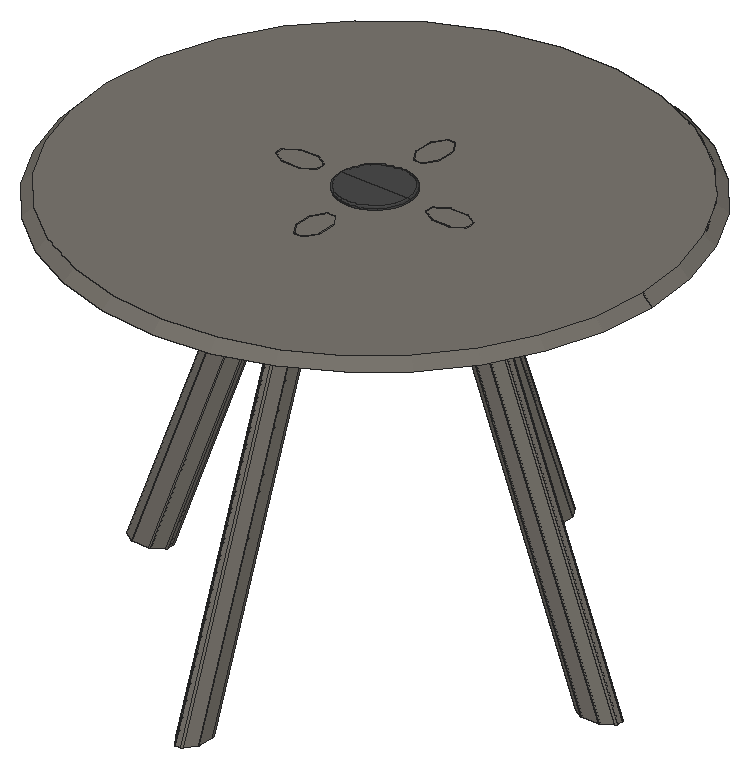
Revit family "Table-Work-Teknion-STBSR_Qui_With_Power-R2014", category Furniture, Revit 2014
Parameters (values of type "Round, 25.5" High")
  Width = 36.000"
  Warranty = "https://d2r72yk5wmppdj.cloudfront.net/m/3754bc876d846fdf/StudioTK--Warranty.pdf"
  Voltage = 0 V
  Unit Weight = 65.00 lbf  # constant formula
  URL = "www.studiotk.com"
  Table Finish [instance] = Wood - Teknion - DY - Cocoa Brown
  Square Table Visibility = not(Round Table Visibility)  # no
  Series = "Studio"
  Round Table Visibility = yes
  Product Line = "Qui"
  Product Documentation Link = "https://d2r72yk5wmppdj.cloudfront.net/m/6a067d0f21732b57/Qui_Tables_ppg.pdf"
  Power Finish [instance] = Plastic - StudioTK - 8B - Ebony
  Power Factor = 1
  Part Number = "STBSR"
  Number of Poles = 1
  Model = "STBSRB25P"
  Manufacturer Phone = "919-464-2920"
  Manufacturer Fax = "919-464-2927"
  Manufacturer Email = "customersupport@studiotk.com"
  Manufacturer Address = "3941 US 70 Business HWY West, Clayton, NC 27520"
  Manufacturer = "StudioTK"  # constant formula
  Low Emitting Material = yes
  Low Emitting Finish = yes
  Height = 25.500"
  Description = "Qui Work Table With Power, Round 36\"dia / 91cm, 25.5\"h / 65 cm"
  Depth = 36.000"
  Connector Description = "Power Connector"  # constant formula
  Assembly Code = "E2020200"
  Apparent Load = 1250 VA  # constant formula
Reference planes (in)
  plane 1 "Center F/B": y = 0
  plane 2: z = 0
  plane 3 "Center L/R": x = 0
  plane 4 "Left": x = -18
  plane 5 "Right": x = 18
  plane 6 "Back": y = 18
  plane 7 "Front": y = -18
  plane 8 "Top": z = 25.5
Dimensions and locks (in)
  "Height": plane 8 "Top" to plane 2
  equal spacing: plane 4 "Left", plane 3 "Center L/R", plane 5 "Right"
  "Width": plane 4 "Left" to plane 5 "Right"
  equal spacing: plane 6 "Back", plane 1 "Center F/B", plane 7 "Front"
  "Depth": plane 6 "Back" to plane 7 "Front"
  aligned and locked: level to plane 2
  aligned and locked: plane 3 "Center L/R" to nested 1
  aligned and locked: plane 1 "Center F/B" to nested 1
  aligned and locked: plane 3 "Center L/R" to nested 2
  aligned and locked: plane 1 "Center F/B" to nested 2
  aligned and locked: plane 2 to nested 2
  aligned and locked: plane 2 to nested 1
  aligned and locked: plane 8 "Top" to nested 3
  aligned and locked: plane 3 "Center L/R" to nested 3
  aligned and locked: plane 1 "Center F/B" to nested 3
Nested families (in)
  nested 1: "Table-Work-Teknion-STBSR_Square_Qui-R2013" at (0, 0, 0), visible <- "Square Table Visibility", Table Finish <- "Table Finish", type "25.5" High"
    with Table Finish Wood - Teknion - DY - Cocoa Brown
  nested 2: "Table-Work-Teknion-STBSR_Round_Qui-R2013" at (0, 0, 0), visible <- "Round Table Visibility", Table Finish <- "Table Finish", type "25.5" High"
    with Table Finish Wood - Teknion - DY - Cocoa Brown
  nested 3: "Outlet-Power-Teknion" at (0, 0, 25.5), Power Finish <- "Power Finish", type "Outlet"
    with Power Finish Plastic - StudioTK - 8B - Ebony
Connectors (in)
  electrical at (0, 0, 0), driven by "Apparent Load", driven by "Connector Description", driven by "Number of Poles", driven by "Voltage", driven by "Power Factor"
    settings: index 1, voltage 0 V, apparent load 0 VA, apparent load phase1 1250 VA, apparent load phase2 0 VA, apparent load phase3 0 VA, power factor 1, load classification "Other", number of poles 1, system type 31, power factor state 1, is connector primary yes, connector utility no, sub classification motor no, connector description "Power Connector"
Definition of nested family "Table-Work-Teknion-STBSR_Square_Qui-R2013"
  Parameters (values of type "25.5" High")
    Width = 36.000"
    Warranty = "http://www.teknionstudio.com/pdfs/Teknion%20Studio%20Warranty.pdf"
    Unit Weight = 0.00 lbf
    URL = "www.teknionstudio.com"
    Table Finish [instance] = Wood - Teknion - DY - Cocoa Brown
    Series = "Studio"
    Product Line = "Qui"
    Product Documentation Link = "http://www.teknionstudio.com/pricing/STBSR_ppg.pdf"
    Part Number = "STBSR"
    Model = "STBSRD25"
    Manufacturer Phone = "919-464-2920"
    Manufacturer Fax = "919-464-2927"
    Manufacturer Email = "customersupport@teknionstudio.com"
    Manufacturer Address = "3941 US 70 Business HWY West, Clayton, NC 27520"
    Manufacturer = "Teknion Studio"
    Low Emitting Material = yes
    Low Emitting Finish = yes
    Height = 25.500"
    Description = "Qui Work Table, Square 36\"w / 91cm, 25.5\"h / 65 cm"
    Depth = 36.000"
    Assembly Code = "E2020200"
  Reference planes (in)
    plane 1 "Center F/B": y = 0
    plane 2: z = 0
    plane 3 "Center L/R": x = 0
    plane 4 "Left": x = -18
    plane 5 "Right": x = 18
    plane 6 "Back": y = 18
    plane 7 "Front": y = -18
    plane 8 "Top": z = 25.5
    plane 9 "Table Base": z = 24.875
    plane 10 "Table Bottom": z = 23.375
    plane 11 "Leg Top": z = 25.525
  Forms (in)
    Blend 1, solid, material "Wood - Teknion - DY - Cocoa Brown" <- "Table Finish"
      base sketch origin (0, 0, 24.875) x (-1, 0, 0) y (0, -1, 0)
        loop
          arc (17.75, -18) -> (17.92678, -17.92678) -> (18, -17.75) r 0.25
          line (18, -17.75) -> (18, 17.75)
          arc (18, 17.75) -> (17.92678, 17.92678) -> (17.75, 18) r 0.25
          line (17.75, 18) -> (-17.75, 18)
          arc (-17.75, 18) -> (-17.92678, 17.92678) -> (-18, 17.75) r 0.25
          line (-18, 17.75) -> (-18, -17.75)
          arc (-18, -17.75) -> (-17.92678, -17.92678) -> (-17.75, -18) r 0.25
          line (-17.75, -18) -> (17.75, -18)
      top sketch origin (0, 0, 25.5) x (-1, 0, 0) y (0, -1, 0)
        loop
          line (-17.375, -17.375) -> (17.375, -17.375) -> (17.375, 17.375) -> (-17.375, 17.375) -> (-17.375, -17.375)
      from 0 to 0
    Blend 2, solid, material "Wood - Teknion - DY - Cocoa Brown" <- "Table Finish"
      base sketch origin (0, 0, 23.375) x (-1, 0, 0) y (0, -1, 0)
        loop
          line (11, -11) -> (11, 11) -> (-11, 11) -> (-11, -11) -> (11, -11)
      top sketch origin (0, 0, 23.375) x (-1, 0, 0) y (0, -1, 0)
        loop
          line (-12, -12) -> (12, -12) -> (12, 12) -> (-12, 12) -> (-12, -12)
      from 0 to 1.5
    Blend 3, solid, material "Wood - Teknion - DY - Cocoa Brown" <- "Table Finish"
      base sketch origin (0, 0, 25.525) x (0, -1, 0) y (1, 0, 0)
        loop
          arc (-11.94086, -11.68237) -> (-12.00536, -11.64431) -> (-12.08022, -11.64218) r 0.15
          line (-12.08022, -11.64218) -> (-12.84415, -11.81607)
          arc (-12.84415, -11.81607) -> (-12.88338, -11.83103) -> (-12.91693, -11.85627) r 0.15
          line (-12.91693, -11.85627) -> (-13.6605, -12.59984)
          arc (-13.6605, -12.59984) -> (-13.68574, -12.63338) -> (-13.70069, -12.67261) r 0.15
          line (-13.70069, -12.67261) -> (-13.87459, -13.43655)
          arc (-13.87459, -13.43655) -> (-13.87245, -13.51141) -> (-13.83439, -13.5759) r 0.15
          line (-13.83439, -13.5759) -> (-13.5759, -13.83439)
          arc (-13.5759, -13.83439) -> (-13.51141, -13.87245) -> (-13.43655, -13.87459) r 0.15
          line (-13.43655, -13.87459) -> (-12.67261, -13.70069)
          arc (-12.67261, -13.70069) -> (-12.63338, -13.68574) -> (-12.59984, -13.6605) r 0.15
          line (-12.59984, -13.6605) -> (-11.85627, -12.91693)
          arc (-11.85627, -12.91693) -> (-11.83103, -12.88338) -> (-11.81607, -12.84415) r 0.15
          line (-11.81607, -12.84415) -> (-11.64218, -12.08022)
          arc (-11.64218, -12.08022) -> (-11.64431, -12.00536) -> (-11.68237, -11.94086) r 0.15
          line (-11.68237, -11.94086) -> (-11.94086, -11.68237)
      top sketch origin (0, 0, 25.525) x (0, -1, 0) y (1, 0, 0)
        loop
          arc (-5.06286, -4.80437) -> (-5.12736, -4.76631) -> (-5.20222, -4.76418) r 0.15
          line (-5.20222, -4.76418) -> (-5.96615, -4.93807)
          arc (-5.96615, -4.93807) -> (-6.00538, -4.95303) -> (-6.03893, -4.97827) r 0.15
          line (-6.03893, -4.97827) -> (-6.7825, -5.72184)
          arc (-6.7825, -5.72184) -> (-6.80774, -5.75538) -> (-6.82269, -5.79461) r 0.15
          line (-6.82269, -5.79461) -> (-6.99659, -6.55854)
          arc (-6.99659, -6.55854) -> (-6.99445, -6.63341) -> (-6.95639, -6.6979) r 0.15
          line (-6.95639, -6.6979) -> (-6.6979, -6.95639)
          arc (-6.6979, -6.95639) -> (-6.63341, -6.99445) -> (-6.55854, -6.99659) r 0.15
          line (-6.55854, -6.99659) -> (-5.79461, -6.82269)
          arc (-5.79461, -6.82269) -> (-5.75538, -6.80774) -> (-5.72184, -6.7825) r 0.15
          line (-5.72184, -6.7825) -> (-4.97827, -6.03893)
          arc (-4.97827, -6.03893) -> (-4.95303, -6.00538) -> (-4.93807, -5.96615) r 0.15
          line (-4.93807, -5.96615) -> (-4.76418, -5.20222)
          arc (-4.76418, -5.20222) -> (-4.76631, -5.12736) -> (-4.80437, -5.06286) r 0.15
          line (-4.80437, -5.06286) -> (-5.06286, -4.80437)
      from -25.525 to -0.025
    Blend 4, solid, material "Wood - Teknion - DY - Cocoa Brown" <- "Table Finish"
      base sketch origin (0, 0, 25.525) x (0, 1, 0) y (-1, 0, 0)
        loop
          arc (-11.94086, -11.68237) -> (-12.00536, -11.64431) -> (-12.08022, -11.64218) r 0.15
          line (-12.08022, -11.64218) -> (-12.84415, -11.81607)
          arc (-12.84415, -11.81607) -> (-12.88338, -11.83103) -> (-12.91693, -11.85627) r 0.15
          line (-12.91693, -11.85627) -> (-13.6605, -12.59984)
          arc (-13.6605, -12.59984) -> (-13.68574, -12.63338) -> (-13.70069, -12.67261) r 0.15
          line (-13.70069, -12.67261) -> (-13.87459, -13.43655)
          arc (-13.87459, -13.43655) -> (-13.87245, -13.51141) -> (-13.83439, -13.5759) r 0.15
          line (-13.83439, -13.5759) -> (-13.5759, -13.83439)
          arc (-13.5759, -13.83439) -> (-13.51141, -13.87245) -> (-13.43655, -13.87459) r 0.15
          line (-13.43655, -13.87459) -> (-12.67261, -13.70069)
          arc (-12.67261, -13.70069) -> (-12.63338, -13.68574) -> (-12.59984, -13.6605) r 0.15
          line (-12.59984, -13.6605) -> (-11.85627, -12.91693)
          arc (-11.85627, -12.91693) -> (-11.83103, -12.88338) -> (-11.81607, -12.84415) r 0.15
          line (-11.81607, -12.84415) -> (-11.64218, -12.08022)
          arc (-11.64218, -12.08022) -> (-11.64431, -12.00536) -> (-11.68237, -11.94086) r 0.15
          line (-11.68237, -11.94086) -> (-11.94086, -11.68237)
      top sketch origin (0, 0, 25.525) x (0, 1, 0) y (-1, 0, 0)
        loop
          arc (-5.06286, -4.80437) -> (-5.12736, -4.76631) -> (-5.20222, -4.76418) r 0.15
          line (-5.20222, -4.76418) -> (-5.96615, -4.93807)
          arc (-5.96615, -4.93807) -> (-6.00538, -4.95303) -> (-6.03893, -4.97827) r 0.15
          line (-6.03893, -4.97827) -> (-6.7825, -5.72184)
          arc (-6.7825, -5.72184) -> (-6.80774, -5.75538) -> (-6.82269, -5.79461) r 0.15
          line (-6.82269, -5.79461) -> (-6.99659, -6.55854)
          arc (-6.99659, -6.55854) -> (-6.99445, -6.63341) -> (-6.95639, -6.6979) r 0.15
          line (-6.95639, -6.6979) -> (-6.6979, -6.95639)
          arc (-6.6979, -6.95639) -> (-6.63341, -6.99445) -> (-6.55854, -6.99659) r 0.15
          line (-6.55854, -6.99659) -> (-5.79461, -6.82269)
          arc (-5.79461, -6.82269) -> (-5.75538, -6.80774) -> (-5.72184, -6.7825) r 0.15
          line (-5.72184, -6.7825) -> (-4.97827, -6.03893)
          arc (-4.97827, -6.03893) -> (-4.95303, -6.00538) -> (-4.93807, -5.96615) r 0.15
          line (-4.93807, -5.96615) -> (-4.76418, -5.20222)
          arc (-4.76418, -5.20222) -> (-4.76631, -5.12736) -> (-4.80437, -5.06286) r 0.15
          line (-4.80437, -5.06286) -> (-5.06286, -4.80437)
      from -25.525 to -0.025
    Sweep 5, void
      path origin (0, 0, 0) x (1, 0, 0) y (0, 0, 1)
        loop
          line (0, 25.5) -> (0, 25.25)
      profile origin (0, 0, 25.375) x (0, -1, 0) y (1, 0, 0)
        loop
          arc (-7.01219, -6.55499) -> (-7.00983, -6.63784) -> (-6.96771, -6.70922) r 0.166
          line (-6.96771, -6.70922) -> (-6.70922, -6.96771)
          arc (-6.70922, -6.96771) -> (-6.63784, -7.00983) -> (-6.55499, -7.01219) r 0.166
          line (-6.55499, -7.01219) -> (-5.79106, -6.83829)
          arc (-5.79106, -6.83829) -> (-5.74765, -6.82174) -> (-5.71052, -6.79381) r 0.166
          line (-5.71052, -6.79381) -> (-4.96695, -6.05024)
          arc (-4.96695, -6.05024) -> (-4.93902, -6.01312) -> (-4.92247, -5.9697) r 0.166
          line (-4.92247, -5.9697) -> (-4.74858, -5.20577)
          arc (-4.74858, -5.20577) -> (-4.75094, -5.12292) -> (-4.79306, -5.05155) r 0.166
          line (-4.79306, -5.05155) -> (-5.05155, -4.79306)
          arc (-5.05155, -4.79306) -> (-5.12292, -4.75094) -> (-5.20577, -4.74858) r 0.166
          line (-5.20577, -4.74858) -> (-5.9697, -4.92247)
          arc (-5.9697, -4.92247) -> (-6.01312, -4.93902) -> (-6.05024, -4.96695) r 0.166
          line (-6.05024, -4.96695) -> (-6.79381, -5.71052)
          arc (-6.79381, -5.71052) -> (-6.82174, -5.74765) -> (-6.83829, -5.79106) r 0.166
          line (-6.83829, -5.79106) -> (-7.01219, -6.55499)
        loop
          line (-6.79381, 5.71052) -> (-6.05024, 4.96695)
          arc (-6.05024, 4.96695) -> (-6.01312, 4.93902) -> (-5.9697, 4.92247) r 0.166
          line (-5.9697, 4.92247) -> (-5.20577, 4.74858)
          arc (-5.20577, 4.74858) -> (-5.12292, 4.75094) -> (-5.05155, 4.79306) r 0.166
          line (-5.05155, 4.79306) -> (-4.79306, 5.05155)
          arc (-4.79306, 5.05155) -> (-4.75094, 5.12292) -> (-4.74858, 5.20577) r 0.166
          line (-4.74858, 5.20577) -> (-4.92247, 5.9697)
          arc (-4.92247, 5.9697) -> (-4.93902, 6.01312) -> (-4.96695, 6.05024) r 0.166
          line (-4.96695, 6.05024) -> (-5.71052, 6.79381)
          arc (-5.71052, 6.79381) -> (-5.74765, 6.82174) -> (-5.79106, 6.83829) r 0.166
          line (-5.79106, 6.83829) -> (-6.55499, 7.01219)
          arc (-6.55499, 7.01219) -> (-6.63784, 7.00983) -> (-6.70922, 6.96771) r 0.166
          line (-6.70922, 6.96771) -> (-6.96771, 6.70922)
          arc (-6.96771, 6.70922) -> (-7.00983, 6.63784) -> (-7.01219, 6.55499) r 0.166
          line (-7.01219, 6.55499) -> (-6.83829, 5.79106)
          arc (-6.83829, 5.79106) -> (-6.82174, 5.74765) -> (-6.79381, 5.71052) r 0.166
        loop
          line (6.83829, 5.79106) -> (7.01219, 6.55499)
          arc (7.01219, 6.55499) -> (7.00983, 6.63784) -> (6.96771, 6.70922) r 0.166
          line (6.96771, 6.70922) -> (6.70922, 6.96771)
          arc (6.70922, 6.96771) -> (6.63784, 7.00983) -> (6.55499, 7.01219) r 0.166
          line (6.55499, 7.01219) -> (5.79106, 6.83829)
          arc (5.79106, 6.83829) -> (5.74765, 6.82174) -> (5.71052, 6.79381) r 0.166
          line (5.71052, 6.79381) -> (4.96695, 6.05024)
          arc (4.96695, 6.05024) -> (4.93902, 6.01312) -> (4.92247, 5.9697) r 0.166
          line (4.92247, 5.9697) -> (4.74858, 5.20577)
          arc (4.74858, 5.20577) -> (4.75094, 5.12292) -> (4.79306, 5.05155) r 0.166
          line (4.79306, 5.05155) -> (5.05155, 4.79306)
          arc (5.05155, 4.79306) -> (5.12292, 4.75094) -> (5.20577, 4.74858) r 0.166
          line (5.20577, 4.74858) -> (5.9697, 4.92247)
          arc (5.9697, 4.92247) -> (6.01312, 4.93902) -> (6.05024, 4.96695) r 0.166
          line (6.05024, 4.96695) -> (6.79381, 5.71052)
          arc (6.79381, 5.71052) -> (6.82174, 5.74765) -> (6.83829, 5.79106) r 0.166
        loop
          line (7.01219, -6.55499) -> (6.83829, -5.79106)
          arc (6.83829, -5.79106) -> (6.82174, -5.74765) -> (6.79381, -5.71052) r 0.166
          line (6.79381, -5.71052) -> (6.05024, -4.96695)
          arc (6.05024, -4.96695) -> (6.01312, -4.93902) -> (5.9697, -4.92247) r 0.166
          line (5.9697, -4.92247) -> (5.20577, -4.74858)
          arc (5.20577, -4.74858) -> (5.12292, -4.75094) -> (5.05155, -4.79306) r 0.166
          line (5.05155, -4.79306) -> (4.79306, -5.05155)
          arc (4.79306, -5.05155) -> (4.75094, -5.12292) -> (4.74858, -5.20577) r 0.166
          line (4.74858, -5.20577) -> (4.92247, -5.9697)
          arc (4.92247, -5.9697) -> (4.93902, -6.01312) -> (4.96695, -6.05024) r 0.166
          line (4.96695, -6.05024) -> (5.71052, -6.79381)
          arc (5.71052, -6.79381) -> (5.74765, -6.82174) -> (5.79106, -6.83829) r 0.166
          line (5.79106, -6.83829) -> (6.55499, -7.01219)
          arc (6.55499, -7.01219) -> (6.63784, -7.00983) -> (6.70922, -6.96771) r 0.166
          line (6.70922, -6.96771) -> (6.96771, -6.70922)
          arc (6.96771, -6.70922) -> (7.00983, -6.63784) -> (7.01219, -6.55499) r 0.166
    Blend 6, solid, material "Wood - Teknion - DY - Cocoa Brown" <- "Table Finish"
      base sketch origin (0, 0, 25.525) x (0, 1, 0) y (-1, 0, 0)
        loop
          line (11.94086, -11.68237) -> (11.68237, -11.94086)
          arc (11.68237, -11.94086) -> (11.64431, -12.00536) -> (11.64218, -12.08022) r 0.15
          line (11.64218, -12.08022) -> (11.81607, -12.84415)
          arc (11.81607, -12.84415) -> (11.83103, -12.88338) -> (11.85627, -12.91693) r 0.15
          line (11.85627, -12.91693) -> (12.59984, -13.6605)
          arc (12.59984, -13.6605) -> (12.63338, -13.68574) -> (12.67261, -13.70069) r 0.15
          line (12.67261, -13.70069) -> (13.43655, -13.87459)
          arc (13.43655, -13.87459) -> (13.51141, -13.87245) -> (13.5759, -13.83439) r 0.15
          line (13.5759, -13.83439) -> (13.83439, -13.5759)
          arc (13.83439, -13.5759) -> (13.87245, -13.51141) -> (13.87459, -13.43655) r 0.15
          line (13.87459, -13.43655) -> (13.70069, -12.67261)
          arc (13.70069, -12.67261) -> (13.68574, -12.63338) -> (13.6605, -12.59984) r 0.15
          line (13.6605, -12.59984) -> (12.91693, -11.85627)
          arc (12.91693, -11.85627) -> (12.88338, -11.83103) -> (12.84415, -11.81607) r 0.15
          line (12.84415, -11.81607) -> (12.08022, -11.64218)
          arc (12.08022, -11.64218) -> (12.00536, -11.64431) -> (11.94086, -11.68237) r 0.15
      top sketch origin (0, 0, 25.525) x (0, 1, 0) y (-1, 0, 0)
        loop
          line (5.06286, -4.80437) -> (4.80437, -5.06286)
          arc (4.80437, -5.06286) -> (4.76631, -5.12736) -> (4.76418, -5.20222) r 0.15
          line (4.76418, -5.20222) -> (4.93807, -5.96615)
          arc (4.93807, -5.96615) -> (4.95303, -6.00538) -> (4.97827, -6.03893) r 0.15
          line (4.97827, -6.03893) -> (5.72184, -6.7825)
          arc (5.72184, -6.7825) -> (5.75538, -6.80774) -> (5.79461, -6.82269) r 0.15
          line (5.79461, -6.82269) -> (6.55854, -6.99659)
          arc (6.55854, -6.99659) -> (6.63341, -6.99445) -> (6.6979, -6.95639) r 0.15
          line (6.6979, -6.95639) -> (6.95639, -6.6979)
          arc (6.95639, -6.6979) -> (6.99445, -6.63341) -> (6.99659, -6.55854) r 0.15
          line (6.99659, -6.55854) -> (6.82269, -5.79461)
          arc (6.82269, -5.79461) -> (6.80774, -5.75538) -> (6.7825, -5.72184) r 0.15
          line (6.7825, -5.72184) -> (6.03893, -4.97827)
          arc (6.03893, -4.97827) -> (6.00538, -4.95303) -> (5.96615, -4.93807) r 0.15
          line (5.96615, -4.93807) -> (5.20222, -4.76418)
          arc (5.20222, -4.76418) -> (5.12736, -4.76631) -> (5.06286, -4.80437) r 0.15
      from -25.525 to -0.025
    Blend 7, solid, material "Wood - Teknion - DY - Cocoa Brown" <- "Table Finish"
      base sketch origin (0, 0, 25.525) x (0, -1, 0) y (1, 0, 0)
        loop
          line (11.94086, -11.68237) -> (11.68237, -11.94086)
          arc (11.68237, -11.94086) -> (11.64431, -12.00536) -> (11.64218, -12.08022) r 0.15
          line (11.64218, -12.08022) -> (11.81607, -12.84415)
          arc (11.81607, -12.84415) -> (11.83103, -12.88338) -> (11.85627, -12.91693) r 0.15
          line (11.85627, -12.91693) -> (12.59984, -13.6605)
          arc (12.59984, -13.6605) -> (12.63338, -13.68574) -> (12.67261, -13.70069) r 0.15
          line (12.67261, -13.70069) -> (13.43655, -13.87459)
          arc (13.43655, -13.87459) -> (13.51141, -13.87245) -> (13.5759, -13.83439) r 0.15
          line (13.5759, -13.83439) -> (13.83439, -13.5759)
          arc (13.83439, -13.5759) -> (13.87245, -13.51141) -> (13.87459, -13.43655) r 0.15
          line (13.87459, -13.43655) -> (13.70069, -12.67261)
          arc (13.70069, -12.67261) -> (13.68574, -12.63338) -> (13.6605, -12.59984) r 0.15
          line (13.6605, -12.59984) -> (12.91693, -11.85627)
          arc (12.91693, -11.85627) -> (12.88338, -11.83103) -> (12.84415, -11.81607) r 0.15
          line (12.84415, -11.81607) -> (12.08022, -11.64218)
          arc (12.08022, -11.64218) -> (12.00536, -11.64431) -> (11.94086, -11.68237) r 0.15
      top sketch origin (0, 0, 25.525) x (0, -1, 0) y (1, 0, 0)
        loop
          line (5.06286, -4.80437) -> (4.80437, -5.06286)
          arc (4.80437, -5.06286) -> (4.76631, -5.12736) -> (4.76418, -5.20222) r 0.15
          line (4.76418, -5.20222) -> (4.93807, -5.96615)
          arc (4.93807, -5.96615) -> (4.95303, -6.00538) -> (4.97827, -6.03893) r 0.15
          line (4.97827, -6.03893) -> (5.72184, -6.7825)
          arc (5.72184, -6.7825) -> (5.75538, -6.80774) -> (5.79461, -6.82269) r 0.15
          line (5.79461, -6.82269) -> (6.55854, -6.99659)
          arc (6.55854, -6.99659) -> (6.63341, -6.99445) -> (6.6979, -6.95639) r 0.15
          line (6.6979, -6.95639) -> (6.95639, -6.6979)
          arc (6.95639, -6.6979) -> (6.99445, -6.63341) -> (6.99659, -6.55854) r 0.15
          line (6.99659, -6.55854) -> (6.82269, -5.79461)
          arc (6.82269, -5.79461) -> (6.80774, -5.75538) -> (6.7825, -5.72184) r 0.15
          line (6.7825, -5.72184) -> (6.03893, -4.97827)
          arc (6.03893, -4.97827) -> (6.00538, -4.95303) -> (5.96615, -4.93807) r 0.15
          line (5.96615, -4.93807) -> (5.20222, -4.76418)
          arc (5.20222, -4.76418) -> (5.12736, -4.76631) -> (5.06286, -4.80437) r 0.15
      from -25.525 to -0.025
  Cuts and joins
    Sweep 5 cuts Blend 1
  Lines and regions (in)
    Masking region 1
      outline origin (0, 0, 25.525) x (0, -1, 0) y (1, 0, 0)
        loop
          line (-18, -18) -> (18, -18) -> (18, 18) -> (-18, 18) -> (-18, -18)
    symbolic lines, detail levels medium+fine
      curve 1: line (17.375, 17.375, 25.525) -> (-17.375, 17.375, 25.525)
      curve 2: line (-17.375, 17.375, 25.525) -> (-17.375, -17.375, 25.525)
      curve 3: line (-17.375, -17.375, 25.525) -> (17.375, -17.375, 25.525)
      curve 4: line (17.375, -17.375, 25.525) -> (17.375, 17.375, 25.525)
    symbolic lines, style "Hidden Lines", detail levels medium+fine
      curve 5: line (-6.6979, 6.95639, 25.525) -> (-6.95639, 6.6979, 25.525)
      curve 6: arc (-6.55854, 6.99659, 25.525) -> (-6.63341, 6.99445, 25.525) -> (-6.6979, 6.95639, 25.525) r 0.15
      curve 7: line (-5.79461, 6.82269, 25.525) -> (-6.55854, 6.99659, 25.525)
      curve 8: arc (-5.72184, 6.7825, 25.525) -> (-5.75538, 6.80774, 25.525) -> (-5.79461, 6.82269, 25.525) r 0.15
      curve 9: line (-4.97827, 6.03893, 25.525) -> (-5.72184, 6.7825, 25.525)
      curve 10: arc (-4.93807, 5.96615, 25.525) -> (-4.95303, 6.00538, 25.525) -> (-4.97827, 6.03893, 25.525) r 0.15
      curve 11: line (-4.76418, 5.20222, 25.525) -> (-4.93807, 5.96615, 25.525)
      curve 12: arc (-4.80437, 5.06286, 25.525) -> (-4.76631, 5.12736, 25.525) -> (-4.76418, 5.20222, 25.525) r 0.15
      curve 13: line (-5.06286, 4.80437, 25.525) -> (-4.80437, 5.06286, 25.525)
      curve 14: arc (-5.20222, 4.76418, 25.525) -> (-5.12736, 4.76631, 25.525) -> (-5.06286, 4.80437, 25.525) r 0.15
      curve 15: line (-5.96615, 4.93807, 25.525) -> (-5.20222, 4.76418, 25.525)
      curve 16: arc (-6.03893, 4.97827, 25.525) -> (-6.00538, 4.95303, 25.525) -> (-5.96615, 4.93807, 25.525) r 0.15
      curve 17: line (-6.7825, 5.72184, 25.525) -> (-6.03893, 4.97827, 25.525)
      curve 18: arc (-6.82269, 5.79461, 25.525) -> (-6.80774, 5.75538, 25.525) -> (-6.7825, 5.72184, 25.525) r 0.15
      curve 19: line (-6.99659, 6.55854, 25.525) -> (-6.82269, 5.79461, 25.525)
      curve 20: arc (-6.95639, 6.6979, 25.525) -> (-6.99445, 6.63341, 25.525) -> (-6.99659, 6.55854, 25.525) r 0.15
      curve 21: line (5.72184, 6.7825, 25.525) -> (4.97827, 6.03893, 25.525)
      curve 22: arc (5.79461, 6.82269, 25.525) -> (5.75538, 6.80774, 25.525) -> (5.72184, 6.7825, 25.525) r 0.15
      curve 23: line (6.55854, 6.99659, 25.525) -> (5.79461, 6.82269, 25.525)
      curve 24: arc (6.6979, 6.95639, 25.525) -> (6.63341, 6.99445, 25.525) -> (6.55854, 6.99659, 25.525) r 0.15
      curve 25: line (6.95639, 6.6979, 25.525) -> (6.6979, 6.95639, 25.525)
      curve 26: arc (6.99659, 6.55854, 25.525) -> (6.99445, 6.63341, 25.525) -> (6.95639, 6.6979, 25.525) r 0.15
      curve 27: line (6.82269, 5.79461, 25.525) -> (6.99659, 6.55854, 25.525)
      curve 28: arc (6.7825, 5.72184, 25.525) -> (6.80774, 5.75538, 25.525) -> (6.82269, 5.79461, 25.525) r 0.15
      curve 29: line (6.03893, 4.97827, 25.525) -> (6.7825, 5.72184, 25.525)
      curve 30: arc (5.96615, 4.93807, 25.525) -> (6.00538, 4.95303, 25.525) -> (6.03893, 4.97827, 25.525) r 0.15
      curve 31: line (5.20222, 4.76418, 25.525) -> (5.96615, 4.93807, 25.525)
      curve 32: arc (5.06286, 4.80437, 25.525) -> (5.12736, 4.76631, 25.525) -> (5.20222, 4.76418, 25.525) r 0.15
      curve 33: line (4.80437, 5.06286, 25.525) -> (5.06286, 4.80437, 25.525)
      curve 34: arc (4.76418, 5.20222, 25.525) -> (4.76631, 5.12736, 25.525) -> (4.80437, 5.06286, 25.525) r 0.15
      curve 35: line (4.93807, 5.96615, 25.525) -> (4.76418, 5.20222, 25.525)
      curve 36: arc (4.97827, 6.03893, 25.525) -> (4.95303, 6.00538, 25.525) -> (4.93807, 5.96615, 25.525) r 0.15
      curve 37: line (5.06286, -4.80437, 25.525) -> (4.80437, -5.06286, 25.525)
      curve 38: arc (5.20222, -4.76418, 25.525) -> (5.12736, -4.76631, 25.525) -> (5.06286, -4.80437, 25.525) r 0.15
      curve 39: line (5.96615, -4.93807, 25.525) -> (5.20222, -4.76418, 25.525)
      curve 40: arc (6.03893, -4.97827, 25.525) -> (6.00538, -4.95303, 25.525) -> (5.96615, -4.93807, 25.525) r 0.15
      curve 41: line (6.7825, -5.72184, 25.525) -> (6.03893, -4.97827, 25.525)
      curve 42: arc (6.82269, -5.79461, 25.525) -> (6.80774, -5.75538, 25.525) -> (6.7825, -5.72184, 25.525) r 0.15
      curve 43: line (6.99659, -6.55854, 25.525) -> (6.82269, -5.79461, 25.525)
      curve 44: arc (6.95639, -6.6979, 25.525) -> (6.99445, -6.63341, 25.525) -> (6.99659, -6.55854, 25.525) r 0.15
      curve 45: line (6.6979, -6.95639, 25.525) -> (6.95639, -6.6979, 25.525)
      curve 46: arc (6.55854, -6.99659, 25.525) -> (6.63341, -6.99445, 25.525) -> (6.6979, -6.95639, 25.525) r 0.15
      curve 47: line (5.79461, -6.82269, 25.525) -> (6.55854, -6.99659, 25.525)
      curve 48: arc (5.72184, -6.7825, 25.525) -> (5.75538, -6.80774, 25.525) -> (5.79461, -6.82269, 25.525) r 0.15
      curve 49: line (4.97827, -6.03893, 25.525) -> (5.72184, -6.7825, 25.525)
      curve 50: arc (4.93807, -5.96615, 25.525) -> (4.95303, -6.00538, 25.525) -> (4.97827, -6.03893, 25.525) r 0.15
      curve 51: line (4.76418, -5.20222, 25.525) -> (4.93807, -5.96615, 25.525)
      curve 52: arc (4.80437, -5.06286, 25.525) -> (4.76631, -5.12736, 25.525) -> (4.76418, -5.20222, 25.525) r 0.15
      curve 53: line (-4.80437, -5.06286, 25.525) -> (-5.06286, -4.80437, 25.525)
      curve 54: arc (-4.76418, -5.20222, 25.525) -> (-4.76631, -5.12736, 25.525) -> (-4.80437, -5.06286, 25.525) r 0.15
      curve 55: line (-4.93807, -5.96615, 25.525) -> (-4.76418, -5.20222, 25.525)
      curve 56: arc (-4.97827, -6.03893, 25.525) -> (-4.95303, -6.00538, 25.525) -> (-4.93807, -5.96615, 25.525) r 0.15
      curve 57: line (-5.72184, -6.7825, 25.525) -> (-4.97827, -6.03893, 25.525)
      curve 58: arc (-5.79461, -6.82269, 25.525) -> (-5.75538, -6.80774, 25.525) -> (-5.72184, -6.7825, 25.525) r 0.15
      curve 59: line (-6.55854, -6.99659, 25.525) -> (-5.79461, -6.82269, 25.525)
      curve 60: arc (-6.6979, -6.95639, 25.525) -> (-6.63341, -6.99445, 25.525) -> (-6.55854, -6.99659, 25.525) r 0.15
      curve 61: line (-6.95639, -6.6979, 25.525) -> (-6.6979, -6.95639, 25.525)
      curve 62: arc (-6.99659, -6.55854, 25.525) -> (-6.99445, -6.63341, 25.525) -> (-6.95639, -6.6979, 25.525) r 0.15
      curve 63: line (-6.82269, -5.79461, 25.525) -> (-6.99659, -6.55854, 25.525)
      curve 64: arc (-6.7825, -5.72184, 25.525) -> (-6.80774, -5.75538, 25.525) -> (-6.82269, -5.79461, 25.525) r 0.15
      curve 65: line (-6.03893, -4.97827, 25.525) -> (-6.7825, -5.72184, 25.525)
      curve 66: arc (-5.96615, -4.93807, 25.525) -> (-6.00538, -4.95303, 25.525) -> (-6.03893, -4.97827, 25.525) r 0.15
      curve 67: line (-5.20222, -4.76418, 25.525) -> (-5.96615, -4.93807, 25.525)
      curve 68: arc (-5.06286, -4.80437, 25.525) -> (-5.12736, -4.76631, 25.525) -> (-5.20222, -4.76418, 25.525) r 0.15
    symbolic lines, style "Hidden Lines", detail levels fine
      curve 69: line (12, 12, 25.525) -> (-12, 12, 25.525)
      curve 70: line (-11, 11, 25.525) -> (11, 11, 25.525)
      curve 71: line (-11, -11, 25.525) -> (-11, 11, 25.525)
      curve 72: line (-12, 12, 25.525) -> (-12, -12, 25.525)
      curve 73: line (11, -11, 25.525) -> (-11, -11, 25.525)
      curve 74: line (-12, -12, 25.525) -> (12, -12, 25.525)
      curve 75: line (11, 11, 25.525) -> (11, -11, 25.525)
      curve 76: line (12, -12, 25.525) -> (12, 12, 25.525)
      curve 77: line (5.72184, 6.7825, 25.525) -> (12.59984, 13.6605, 25.525)
      curve 78: line (13.6605, 12.59984, 25.525) -> (6.7825, 5.72184, 25.525)
      curve 79: arc (12.59984, 13.6605, 25.525) -> (12.63338, 13.68574, 25.525) -> (12.67261, 13.70069, 25.525) r 0.15
      curve 80: line (12.67261, 13.70069, 25.525) -> (13.43655, 13.87459, 25.525)
      curve 81: arc (13.43655, 13.87459, 25.525) -> (13.51141, 13.87245, 25.525) -> (13.5759, 13.83439, 25.525) r 0.15
      curve 82: line (13.5759, 13.83439, 25.525) -> (13.83439, 13.5759, 25.525)
      curve 83: arc (13.83439, 13.5759, 25.525) -> (13.87245, 13.51141, 25.525) -> (13.87459, 13.43655, 25.525) r 0.15
      curve 84: line (13.87459, 13.43655, 25.525) -> (13.70069, 12.67261, 25.525)
      curve 85: arc (13.70069, 12.67261, 25.525) -> (13.68574, 12.63338, 25.525) -> (13.6605, 12.59984, 25.525) r 0.15
      curve 86: arc (12.91693, 11.85627, 25.525) -> (12.88338, 11.83103, 25.525) -> (12.84415, 11.81607, 25.525) r 0.15
      curve 87: line (12.84415, 11.81607, 25.525) -> (12.08022, 11.64218, 25.525)
      curve 88: arc (12.08022, 11.64218, 25.525) -> (12.00536, 11.64431, 25.525) -> (11.94086, 11.68237, 25.525) r 0.15
      curve 89: line (11.94086, 11.68237, 25.525) -> (11.68237, 11.94086, 25.525)
      curve 90: arc (11.68237, 11.94086, 25.525) -> (11.64431, 12.00536, 25.525) -> (11.64218, 12.08022, 25.525) r 0.15
      curve 91: line (11.64218, 12.08022, 25.525) -> (11.81607, 12.84415, 25.525)
      curve 92: arc (11.81607, 12.84415, 25.525) -> (11.83103, 12.88338, 25.525) -> (11.85627, 12.91693, 25.525) r 0.15
      curve 93: line (6.7825, -5.72184, 25.525) -> (13.6605, -12.59984, 25.525)
      curve 94: arc (13.6605, -12.59984, 25.525) -> (13.68574, -12.63338, 25.525) -> (13.70069, -12.67261, 25.525) r 0.15
      curve 95: line (13.70069, -12.67261, 25.525) -> (13.87459, -13.43655, 25.525)
      curve 96: arc (13.87459, -13.43655, 25.525) -> (13.87245, -13.51141, 25.525) -> (13.83439, -13.5759, 25.525) r 0.15
      curve 97: line (13.83439, -13.5759, 25.525) -> (13.5759, -13.83439, 25.525)
      curve 98: arc (13.5759, -13.83439, 25.525) -> (13.51141, -13.87245, 25.525) -> (13.43655, -13.87459, 25.525) r 0.15
      curve 99: line (13.43655, -13.87459, 25.525) -> (12.67261, -13.70069, 25.525)
      curve 100: arc (12.67261, -13.70069, 25.525) -> (12.63338, -13.68574, 25.525) -> (12.59984, -13.6605, 25.525) r 0.15
      curve 101: line (12.59984, -13.6605, 25.525) -> (5.72184, -6.7825, 25.525)
      curve 102: arc (11.85627, -12.91693, 25.525) -> (11.83103, -12.88338, 25.525) -> (11.81607, -12.84415, 25.525) r 0.15
      curve 103: line (11.81607, -12.84415, 25.525) -> (11.64218, -12.08022, 25.525)
      curve 104: arc (11.64218, -12.08022, 25.525) -> (11.64431, -12.00536, 25.525) -> (11.68237, -11.94086, 25.525) r 0.15
      curve 105: line (11.68237, -11.94086, 25.525) -> (11.94086, -11.68237, 25.525)
      curve 106: arc (11.94086, -11.68237, 25.525) -> (12.00536, -11.64431, 25.525) -> (12.08022, -11.64218, 25.525) r 0.15
      curve 107: line (12.08022, -11.64218, 25.525) -> (12.84415, -11.81607, 25.525)
      curve 108: arc (12.84415, -11.81607, 25.525) -> (12.88338, -11.83103, 25.525) -> (12.91693, -11.85627, 25.525) r 0.15
      curve 109: line (-13.6605, -12.59984, 25.525) -> (-6.7825, -5.72184, 25.525)
      curve 110: line (-5.72184, -6.7825, 25.525) -> (-12.59984, -13.6605, 25.525)
      curve 111: arc (-12.59984, -13.6605, 25.525) -> (-12.63338, -13.68574, 25.525) -> (-12.67261, -13.70069, 25.525) r 0.15
      curve 112: line (-12.67261, -13.70069, 25.525) -> (-13.43655, -13.87459, 25.525)
      curve 113: arc (-13.43655, -13.87459, 25.525) -> (-13.51141, -13.87245, 25.525) -> (-13.5759, -13.83439, 25.525) r 0.15
      curve 114: line (-13.5759, -13.83439, 25.525) -> (-13.83439, -13.5759, 25.525)
      curve 115: arc (-13.83439, -13.5759, 25.525) -> (-13.87245, -13.51141, 25.525) -> (-13.87459, -13.43655, 25.525) r 0.15
      curve 116: line (-13.87459, -13.43655, 25.525) -> (-13.70069, -12.67261, 25.525)
      curve 117: arc (-13.70069, -12.67261, 25.525) -> (-13.68574, -12.63338, 25.525) -> (-13.6605, -12.59984, 25.525) r 0.15
      curve 118: arc (-12.91693, -11.85627, 25.525) -> (-12.88338, -11.83103, 25.525) -> (-12.84415, -11.81607, 25.525) r 0.15
      curve 119: line (-12.84415, -11.81607, 25.525) -> (-12.08022, -11.64218, 25.525)
      curve 120: arc (-12.08022, -11.64218, 25.525) -> (-12.00536, -11.64431, 25.525) -> (-11.94086, -11.68237, 25.525) r 0.15
      curve 121: line (-11.94086, -11.68237, 25.525) -> (-11.68237, -11.94086, 25.525)
      curve 122: arc (-11.68237, -11.94086, 25.525) -> (-11.64431, -12.00536, 25.525) -> (-11.64218, -12.08022, 25.525) r 0.15
      curve 123: line (-11.64218, -12.08022, 25.525) -> (-11.81607, -12.84415, 25.525)
      curve 124: arc (-11.81607, -12.84415, 25.525) -> (-11.83103, -12.88338, 25.525) -> (-11.85627, -12.91693, 25.525) r 0.15
      curve 125: line (-11.81607, 12.84415, 25.525) -> (-11.64218, 12.08022, 25.525)
      curve 126: arc (-11.64218, 12.08022, 25.525) -> (-11.64431, 12.00536, 25.525) -> (-11.68237, 11.94086, 25.525) r 0.15
      curve 127: line (-11.68237, 11.94086, 25.525) -> (-11.94086, 11.68237, 25.525)
      curve 128: arc (-11.94086, 11.68237, 25.525) -> (-12.00536, 11.64431, 25.525) -> (-12.08022, 11.64218, 25.525) r 0.15
      curve 129: line (-12.08022, 11.64218, 25.525) -> (-12.84415, 11.81607, 25.525)
      curve 130: arc (-12.84415, 11.81607, 25.525) -> (-12.88338, 11.83103, 25.525) -> (-12.91693, 11.85627, 25.525) r 0.15
      curve 131: line (-6.7825, 5.72184, 25.525) -> (-13.6605, 12.59984, 25.525)
      curve 132: arc (-13.6605, 12.59984, 25.525) -> (-13.68574, 12.63338, 25.525) -> (-13.70069, 12.67261, 25.525) r 0.15
      curve 133: line (-13.70069, 12.67261, 25.525) -> (-13.87459, 13.43655, 25.525)
      curve 134: arc (-13.87459, 13.43655, 25.525) -> (-13.87245, 13.51141, 25.525) -> (-13.83439, 13.5759, 25.525) r 0.15
      curve 135: line (-13.83439, 13.5759, 25.525) -> (-13.5759, 13.83439, 25.525)
      curve 136: arc (-13.5759, 13.83439, 25.525) -> (-13.51141, 13.87245, 25.525) -> (-13.43655, 13.87459, 25.525) r 0.15
      curve 137: line (-13.43655, 13.87459, 25.525) -> (-12.67261, 13.70069, 25.525)
      curve 138: arc (-12.67261, 13.70069, 25.525) -> (-12.63338, 13.68574, 25.525) -> (-12.59984, 13.6605, 25.525) r 0.15
      curve 139: line (-12.59984, 13.6605, 25.525) -> (-5.72184, 6.7825, 25.525)
      curve 140: arc (-11.85627, 12.91693, 25.525) -> (-11.83103, 12.88338, 25.525) -> (-11.81607, 12.84415, 25.525) r 0.15
  Dimensions and locks (in)
    "Height": plane 8 "Top" to plane 2
    equal spacing: plane 4 "Left", plane 3 "Center L/R", plane 5 "Right"
    "Width": plane 4 "Left" to plane 5 "Right"
    equal spacing: plane 6 "Back", plane 1 "Center F/B", plane 7 "Front"
    "Depth": plane 6 "Back" to plane 7 "Front"
    plane 8 "Top" to plane 9 "Table Base" to plane 10 "Table Bottom" = 0.625" locked, 1.500" locked
    locked: Blend 1 sketch curve to plane 5 "Right" at 0.625
    locked: plane 4 "Left" to Blend 1 sketch curve at 0.625
    locked: plane 6 "Back" to Blend 1 sketch curve at 0.625
    locked: plane 7 "Front" to Blend 1 sketch curve at 0.625
    locked: plane 6 "Back" to Blend 2 sketch curve at 7
    locked: plane 7 "Front" to Blend 2 sketch curve at 7
    locked: Blend 2 sketch curve to plane 5 "Right" at 7
    locked: plane 4 "Left" to Blend 2 sketch curve at 7
    locked: plane 4 "Left" to Blend 2 sketch curve at 6
    locked: Blend 2 sketch curve to plane 5 "Right" at 6
    locked: plane 6 "Back" to Blend 2 sketch curve at 6
    locked: plane 7 "Front" to Blend 2 sketch curve at 6
    locked: plane 11 "Leg Top" to plane 8 "Top" at 0.025
    locked: Blend 3 sketch curve to Blend 3 sketch curve at 2.67786  (x2)
    locked: Blend 3 sketch curve to Blend 3 sketch curve at 1.5  (x2)
    locked: Blend 3 sketch curve to Blend 3 sketch curve at 1.87568  (x4)
    locked: Blend 4 sketch curve to Blend 4 sketch curve at 2.67786  (x2)
    locked: Blend 4 sketch curve to Blend 4 sketch curve at 1.5  (x2)
    locked: Blend 4 sketch curve to Blend 4 sketch curve at 1.87568  (x4)
    locked: Blend 3 sketch curve to plane 3 "Center L/R" at 16.70415
    locked: Blend 3 sketch curve to plane 3 "Center L/R" at 0.75
    locked: Blend 4 sketch curve to plane 3 "Center L/R" at 16.70415
    locked: Blend 4 sketch curve to plane 3 "Center L/R" at 0.75
    locked: plane 8 "Top" to Sweep 5 sketch curve at 0.25
    Sweep 5 sketch curve to plane 3 "Center L/R" to Sweep 5 sketch curve = 7.01633" locked, 7.01633" locked  (x2)
    Sweep 5 sketch curve to plane 1 "Center F/B" to Sweep 5 sketch curve = 7.01633" locked, 7.01633" locked  (x2)
    locked: Blend 6 sketch curve to Blend 6 sketch curve at 2.67786  (x2)
    locked: Blend 6 sketch curve to Blend 6 sketch curve at 1.5  (x2)
    locked: Blend 6 sketch curve to Blend 6 sketch curve at 1.87568  (x4)
    locked: Blend 7 sketch curve to Blend 7 sketch curve at 2.67786  (x2)
    locked: Blend 7 sketch curve to Blend 7 sketch curve at 1.5  (x2)
    locked: Blend 7 sketch curve to Blend 7 sketch curve at 1.87568  (x4)
    aligned and locked: level to plane 2
    aligned and locked: Blend 1 sketch curve to plane 6 "Back"
    aligned and locked: Blend 1 sketch curve to plane 4 "Left"
    aligned and locked: Blend 1 sketch curve to plane 5 "Right"
    aligned and locked: Blend 1 sketch curve to plane 7 "Front"
    aligned and locked: plane 8 "Top" to Blend 1
    aligned and locked: Blend 1 to plane 9 "Table Base"
    aligned and locked: Blend 2 to plane 10 "Table Bottom"
    aligned and locked: plane 9 "Table Base" to Blend 2
    aligned and locked: Masking region 1 sketch curve to plane 6 "Back"
    aligned and locked: Masking region 1 sketch curve to plane 7 "Front"
    aligned and locked: plane 4 "Left" to Masking region 1 sketch curve
    aligned and locked: Masking region 1 sketch curve to plane 5 "Right"
    aligned and locked: curve 1 to Blend 1
    aligned and locked: curve 2 to Blend 1
    aligned and locked: curve 3 to Blend 1
    aligned and locked: curve 4 to Blend 1
    aligned and locked: curve 69 to Blend 2
    aligned and locked: curve 70 to Blend 2
    aligned and locked: curve 71 to Blend 2
    aligned and locked: curve 72 to Blend 2
    aligned and locked: curve 73 to Blend 2
    aligned and locked: curve 74 to Blend 2
    aligned and locked: curve 75 to Blend 2
    aligned and locked: curve 76 to Blend 2
    aligned and locked: Blend 3 to plane 2
    aligned and locked: Blend 4 to plane 2
    aligned and locked: curve 13 to Blend 3
    aligned and locked: curve 11 to Blend 3
    aligned and locked: Blend 3 to curve 15
    aligned and locked: Blend 3 to curve 17
    aligned and locked: curve 9 to Blend 3
    aligned and locked: curve 7 to Blend 3
    aligned and locked: curve 5 to Blend 3
    aligned and locked: curve 19 to Blend 3
    aligned and locked: curve 139 to Blend 3
    aligned and locked: Blend 3 to curve 127
    aligned and locked: curve 125 to Blend 3
    aligned and locked: curve 129 to Blend 3
    aligned and locked: curve 137 to Blend 3
    aligned and locked: curve 135 to Blend 3
    aligned and locked: curve 133 to Blend 3
    aligned and locked: curve 37 to Blend 4
    aligned and locked: curve 39 to Blend 4
    aligned and locked: Blend 4 to curve 41
    aligned and locked: Blend 4 to curve 49
    aligned and locked: curve 47 to Blend 4
    aligned and locked: curve 45 to Blend 4
    aligned and locked: curve 43 to Blend 4
    aligned and locked: curve 93 to Blend 4
    aligned and locked: curve 101 to Blend 4
    aligned and locked: curve 97 to Blend 4
    aligned and locked: curve 95 to Blend 4
    aligned and locked: curve 99 to Blend 4
    aligned and locked: curve 103 to Blend 4
    aligned and locked: curve 105 to Blend 4
    aligned and locked: curve 107 to Blend 4
    aligned and locked: plane 8 "Top" to Blend 3
    aligned and locked: plane 8 "Top" to Blend 4
    aligned and locked: plane 8 "Top" to Sweep 5 sketch curve
    aligned and locked: Sweep 5 sketch curve to plane 3 "Center L/R"
    aligned and locked: Blend 7 to plane 2
    aligned and locked: plane 8 "Top" to Blend 7
    aligned and locked: plane 8 "Top" to Blend 6
    aligned and locked: Blend 6 to plane 2
  Automatic sketch dimensions
    Blend 1 sketch curve to plane 5 "Right" = 0.250"
    Blend 1 sketch curve to plane 6 "Back" = 0.250"
    plane 4 "Left" to Blend 1 sketch curve = 0.250"  (x2)
    curve 80 to plane 6 "Back" = 4.12541"
    plane 4 "Left" to curve 133 = 4.12541"
    curve 137 to curve 134 = 0.43804"
    curve 136 to curve 135 = 0.04019"
    curve 80 to curve 82 = 0.04019"
    curve 80 to curve 80 = 0.1739"
    curve 136 to curve 137 = 0.1739"
    curve 137 to curve 139 = 0.04019"
    curve 79 to curve 77 = 0.04019"
    curve 81 to curve 82 = 0.25849"  (x2)
    plane 4 "Left" to curve 135 = 4.16561"
    curve 82 to curve 84 = 0.13936"
    curve 91 to curve 69 = 0.84415"
    curve 125 to curve 69 = 0.84415"
    curve 83 to curve 84 = 0.76393"
    plane 4 "Left" to curve 133 = 4.29931"
    curve 84 to curve 78 = 0.07277"
    curve 132 to curve 131 = 0.07277"
    curve 125 to curve 69 = 0.08022"
    curve 91 to curve 69 = 0.08022"
    curve 90 to curve 89 = 0.13936"
    curve 125 to curve 127 = 0.13936"
    plane 4 "Left" to curve 129 = 5.15585"
    curve 69 to curve 87 = 0.18393"
    plane 4 "Left" to curve 127 = 6.05914"
    curve 69 to curve 89 = 0.31763"
    curve 89 to curve 87 = 0.04019"
    plane 4 "Left" to curve 129 = 5.91978"
    curve 7 to plane 3 "Center L/R" = 6.55854"
    curve 70 to curve 23 = 4.00341"
    curve 5 to plane 3 "Center L/R" = 6.6979"
    curve 23 to curve 25 = 0.04019"
    curve 7 to plane 3 "Center L/R" = 5.79461"
    curve 23 to curve 23 = 0.1739"
    curve 139 to plane 3 "Center L/R" = 5.72184"
    curve 22 to curve 21 = 0.04019"
    curve 5 to curve 5 = 0.25849"
    curve 24 to curve 25 = 0.25849"  (x2)
    curve 20 to curve 19 = 0.13936"
    curve 25 to curve 27 = 0.13936"
    curve 9 to plane 3 "Center L/R" = 4.97827"
    curve 22 to curve 21 = 0.74357"
    curve 11 to plane 3 "Center L/R" = 4.93807"
    curve 21 to curve 35 = 0.07277"
    curve 19 to curve 19 = 0.76393"
    curve 26 to curve 27 = 0.76393"
    curve 18 to curve 17 = 0.07277"
    curve 27 to curve 29 = 0.07277"
    curve 36 to curve 35 = 0.76393"
    curve 11 to plane 3 "Center L/R" = 4.76418"
    curve 34 to curve 33 = 0.13936"
    curve 13 to plane 3 "Center L/R" = 4.80437"
    curve 29 to curve 29 = 0.74357"
    curve 17 to curve 17 = 0.74357"
    curve 29 to curve 31 = 0.04019"
    curve 16 to curve 15 = 0.04019"
    curve 33 to curve 33 = 0.25849"  (x2)
    curve 12 to curve 13 = 0.25849"
    curve 32 to curve 31 = 0.04019"
    curve 14 to curve 15 = 0.04019"
    plane 1 "Center F/B" to curve 39 = 4.76418"
    plane 1 "Center F/B" to curve 67 = 4.76418"
    curve 38 to curve 37 = 0.04019"
    curve 67 to curve 53 = 0.04019"
    curve 67 to curve 67 = 0.1739"
    curve 38 to curve 39 = 0.1739"
    curve 39 to curve 41 = 0.04019"
    curve 66 to curve 65 = 0.04019"
    plane 3 "Center L/R" to curve 37 = 4.80437"
    curve 53 to curve 53 = 0.25849"  (x2)
    curve 37 to curve 51 = 0.13936"
    curve 53 to curve 55 = 0.13936"
    curve 41 to curve 93 = 0.74357"
    curve 65 to curve 65 = 0.74357"
    curve 64 to curve 63 = 0.07277"
    curve 41 to curve 43 = 0.07277"
    curve 54 to curve 55 = 0.76393"
    plane 3 "Center L/R" to curve 51 = 4.93807"
    curve 51 to curve 51 = 0.76393"
    curve 55 to curve 57 = 0.07277"
    plane 3 "Center L/R" to curve 49 = 4.97827"
    curve 42 to curve 43 = 0.76393"
    curve 63 to curve 63 = 0.76393"
    curve 44 to curve 45 = 0.13936"
    curve 62 to curve 61 = 0.13936"
    plane 3 "Center L/R" to curve 101 = 5.72184"
    curve 56 to curve 57 = 0.74357"
    curve 59 to plane 3 "Center L/R" = 5.79461"
    curve 57 to curve 59 = 0.04019"
    plane 3 "Center L/R" to curve 47 = 5.79461"
    plane 3 "Center L/R" to curve 45 = 6.6979"
    curve 61 to curve 61 = 0.25849"  (x2)
    curve 61 to curve 59 = 0.04019"
    plane 3 "Center L/R" to curve 47 = 6.55854"
    curve 119 to curve 72 = 0.35782"
    curve 107 to plane 5 "Right" = 5.91978"
    curve 105 to plane 5 "Right" = 6.05914"
    curve 119 to curve 121 = 0.04019"
    curve 107 to plane 5 "Right" = 5.15585"
    curve 119 to curve 119 = 0.1739"
    curve 121 to curve 72 = 0.05914"
    curve 105 to curve 104 = 0.10607"
    curve 121 to curve 123 = 0.13936"
    curve 105 to curve 103 = 0.13936"
    curve 93 to plane 5 "Right" = 4.3395"
    curve 118 to curve 109 = 0.78376"
    curve 109 to curve 116 = 0.07277"
    curve 95 to plane 5 "Right" = 4.29931"
    curve 103 to curve 103 = 0.76393"
    curve 122 to curve 123 = 0.76393"
    curve 95 to plane 5 "Right" = 4.12541"
    curve 117 to curve 116 = 0.76393"
    curve 115 to curve 114 = 0.13936"
    curve 97 to plane 5 "Right" = 4.16561"
    curve 102 to curve 101 = 0.81634"
    curve 123 to curve 110 = 0.81634"
    curve 100 to curve 99 = 0.04019"
    curve 110 to curve 112 = 0.04019"
    curve 96 to curve 97 = 0.25849"
    curve 114 to curve 114 = 0.25849"  (x2)
    curve 97 to curve 99 = 0.04019"
    curve 113 to curve 112 = 0.04019"
    curve 80 to curve 81 = 0.14626"
    curve 135 to curve 136 = 0.10607"
    curve 138 to curve 138 = 0.14626"
    curve 77 to curve 79 = 0.10607"
    curve 134 to curve 134 = 0.10607"
    curve 83 to curve 83 = 0.10607"
    curve 92 to curve 91 = 0.07277"
    curve 140 to curve 140 = 0.07277"
    curve 91 to curve 92 = 0.03329"
    curve 125 to curve 140 = 0.03329"
    curve 85 to curve 85 = 0.03329"
    curve 132 to curve 131 = 0.10607"
    curve 90 to curve 89 = 0.10607"
    curve 130 to curve 129 = 0.14626"
    curve 86 to curve 86 = 0.14626"
    curve 130 to curve 129 = 0.04019"
    curve 86 to curve 86 = 0.04019"
    curve 128 to curve 128 = 0.14626"
    curve 88 to curve 87 = 0.14626"
    curve 5 to curve 6 = 0.10607"
    curve 24 to curve 24 = 0.10607"
    curve 9 to curve 8 = 0.10607"
    curve 21 to curve 22 = 0.10607"
    curve 20 to curve 19 = 0.03329"
    curve 26 to curve 26 = 0.03329"
    curve 11 to curve 10 = 0.03329"
    curve 21 to curve 36 = 0.10607"
    curve 18 to curve 18 = 0.03329"
    curve 28 to curve 29 = 0.10607"
    curve 131 to curve 17 = 0.000"
    curve 34 to curve 34 = 0.03329"
    curve 12 to curve 13 = 0.10607"
    curve 30 to curve 29 = 0.10607"
    curve 16 to curve 15 = 0.14626"
    curve 32 to curve 31 = 0.14626"
    curve 14 to curve 15 = 0.14626"
    curve 67 to curve 68 = 0.14626"
    curve 38 to curve 38 = 0.14626"
    curve 40 to curve 40 = 0.10607"
    curve 66 to curve 66 = 0.14626"
    curve 37 to curve 52 = 0.10607"
    curve 53 to curve 54 = 0.10607"
    curve 109 to curve 64 = 0.000"
    curve 63 to curve 64 = 0.03329"
    curve 43 to curve 42 = 0.03329"
    curve 56 to curve 56 = 0.10607"
    curve 50 to curve 50 = 0.03329"
    curve 62 to curve 61 = 0.10607"
    curve 44 to curve 44 = 0.10607"
    curve 48 to curve 49 = 0.10607"
    curve 58 to curve 58 = 0.14626"
    curve 60 to curve 59 = 0.14626"
    curve 46 to curve 46 = 0.10607"
    curve 120 to curve 120 = 0.10607"
    curve 105 to curve 106 = 0.10607"
    curve 107 to curve 108 = 0.04019"
    curve 118 to curve 118 = 0.04019"
    curve 118 to curve 118 = 0.14626"
    curve 108 to curve 108 = 0.14626"
    curve 121 to curve 122 = 0.10607"
    curve 109 to curve 117 = 0.10607"
    curve 93 to curve 94 = 0.10607"
    curve 124 to curve 123 = 0.03329"
    curve 102 to curve 102 = 0.03329"
    curve 102 to curve 102 = 0.07277"
    curve 123 to curve 124 = 0.07277"
    curve 115 to curve 114 = 0.10607"
    curve 96 to curve 97 = 0.10607"
    curve 111 to curve 110 = 0.10607"
    curve 100 to curve 100 = 0.10607"
    curve 98 to curve 98 = 0.14626"
    curve 113 to curve 112 = 0.14626"
    curve 116 to curve 72 = 1.87459"
    curve 115 to curve 114 = 0.04019"
    curve 115 to curve 116 = 0.1739"
    curve 132 to curve 131 = 0.04019"
    curve 116 to curve 109 = 0.04019"
    curve 113 to curve 112 = 0.13936"
    curve 119 to curve 72 = 0.84415"
    curve 112 to curve 112 = 0.76393"
    curve 111 to curve 110 = 0.07277"
    curve 119 to curve 72 = 0.08022"
    curve 119 to curve 121 = 0.13936"
    curve 72 to curve 123 = 0.18393"
    curve 72 to curve 121 = 0.31763"
    curve 121 to curve 123 = 0.04019"
    curve 63 to curve 59 = 1.20198"
    curve 62 to curve 61 = 0.04019"
    curve 62 to curve 63 = 0.1739"
    curve 63 to curve 65 = 0.04019"
    curve 61 to curve 59 = 0.13936"
    curve 109 to curve 65 = 0.74357"
    curve 65 to curve 67 = 0.07277"
    curve 58 to curve 57 = 0.07277"
    curve 66 to curve 67 = 0.76393"
    curve 67 to curve 53 = 0.13936"
    curve 57 to curve 57 = 0.74357"
    curve 57 to curve 55 = 0.04019"
    curve 53 to curve 55 = 0.04019"
    plane 3 "Center L/R" to curve 35 = 4.76418"
    curve 51 to curve 37 = 0.04019"
    curve 34 to curve 33 = 0.04019"
    curve 34 to curve 35 = 0.1739"
    curve 35 to curve 21 = 0.04019"
    curve 32 to curve 31 = 0.13936"
    curve 21 to curve 21 = 0.74357"
    curve 21 to curve 23 = 0.07277"
    curve 31 to curve 31 = 0.76393"
    curve 30 to curve 29 = 0.07277"
    curve 22 to curve 23 = 0.76393"
    curve 23 to curve 25 = 0.13936"
    curve 30 to curve 78 = 0.74357"
    curve 28 to curve 27 = 0.04019"
    curve 25 to curve 27 = 0.04019"
    curve 91 to curve 69 = 0.35782"
    curve 90 to curve 89 = 0.04019"
    curve 90 to curve 91 = 0.1739"
    curve 89 to curve 69 = 0.05914"
    curve 89 to curve 87 = 0.13936"
    curve 91 to curve 77 = 0.78376"
    curve 77 to curve 80 = 0.07277"
    curve 87 to curve 87 = 0.76393"
    curve 79 to curve 80 = 0.76393"
    curve 80 to curve 82 = 0.13936"
    curve 86 to curve 78 = 0.81634"
    curve 78 to curve 84 = 0.04019"
    curve 82 to curve 84 = 0.04019"
    curve 130 to curve 129 = 0.07277"
    Blend 3 sketch curve to plane 6 "Back" = 4.12541"
    plane 4 "Left" to Blend 3 sketch curve = 4.12541"
    Blend 3 sketch curve to Blend 3 sketch curve = 0.04019"  (x12)
    Blend 3 sketch curve to Blend 3 sketch curve = 0.1739"  (x2)
    Blend 3 sketch curve to Blend 3 sketch curve = 0.25849"  (x5)
    Blend 3 sketch curve to Blend 3 sketch curve = 0.13936"  (x5)
    Blend 3 sketch curve to Blend 3 sketch curve = 0.74357"  (x4)
    Blend 3 sketch curve to Blend 3 sketch curve = 0.07277"  (x5)
    Blend 3 sketch curve to Blend 3 sketch curve = 0.76393"  (x4)
    plane 4 "Left" to Blend 3 sketch curve = 5.08307"
    plane 4 "Left" to Blend 3 sketch curve = 5.15585"
    plane 4 "Left" to Blend 3 sketch curve = 5.91978"
    Blend 3 sketch curve to Blend 3 sketch curve = 0.14626"  (x6)
    Blend 3 sketch curve to Blend 3 sketch curve = 0.03329"  (x8)
    Blend 3 sketch curve to Blend 3 sketch curve = 0.10607"  (x2)
    Blend 3 sketch curve to plane 1 "Center F/B" = 6.99659"
    Blend 3 sketch curve to plane 3 "Center L/R" = 6.99659"
    Blend 3 sketch curve to plane 3 "Center L/R" = 5.79461"
    Blend 3 sketch curve to plane 3 "Center L/R" = 5.72184"
    Blend 4 sketch curve to plane 7 "Front" = 4.12541"
    Blend 4 sketch curve to plane 5 "Right" = 4.12541"
    Blend 4 sketch curve to Blend 4 sketch curve = 0.04019"  (x12)
    Blend 4 sketch curve to Blend 4 sketch curve = 0.1739"  (x2)
    Blend 4 sketch curve to Blend 4 sketch curve = 0.25849"  (x5)
    Blend 4 sketch curve to Blend 4 sketch curve = 0.13936"  (x5)
    Blend 4 sketch curve to Blend 4 sketch curve = 0.74357"  (x4)
    Blend 4 sketch curve to Blend 4 sketch curve = 0.07277"  (x5)
    Blend 4 sketch curve to Blend 4 sketch curve = 0.76393"  (x4)
    Blend 4 sketch curve to plane 5 "Right" = 5.08307"
    Blend 4 sketch curve to plane 5 "Right" = 5.15585"
    Blend 4 sketch curve to plane 5 "Right" = 5.91978"
    Blend 4 sketch curve to Blend 4 sketch curve = 0.10607"  (x9)
    Blend 4 sketch curve to Blend 4 sketch curve = 0.03329"  (x4)
    Blend 4 sketch curve to Blend 4 sketch curve = 0.14626"  (x3)
    plane 1 "Center F/B" to Blend 4 sketch curve = 6.99659"
    plane 3 "Center L/R" to Blend 4 sketch curve = 6.99659"
    plane 3 "Center L/R" to Blend 4 sketch curve = 5.79461"
    plane 3 "Center L/R" to Blend 4 sketch curve = 5.72184"
    profile plane to Sweep 5 sketch curve = 6.55499"  (x2)
    Sweep 5 sketch curve to plane 1 "Center F/B" = 7.01219"  (x2)
    plane 1 "Center F/B" to Sweep 5 sketch curve = 6.55499"
    profile plane to Sweep 5 sketch curve = 7.01219"
    Sweep 5 sketch curve to profile plane = 6.55499"  (x2)
    Sweep 5 sketch curve to Sweep 5 sketch curve = 0.04448"  (x28)
    Sweep 5 sketch curve to Sweep 5 sketch curve = 0.1739"  (x8)
    Sweep 5 sketch curve to profile plane = 5.71052"
    profile plane to Sweep 5 sketch curve = 5.71052"
    Sweep 5 sketch curve to Sweep 5 sketch curve = 0.25849"  (x14)
    Sweep 5 sketch curve to Sweep 5 sketch curve = 0.15422"  (x12)
    Sweep 5 sketch curve to Sweep 5 sketch curve = 0.74357"  (x13)
    Sweep 5 sketch curve to Sweep 5 sketch curve = 0.08054"  (x16)
    Sweep 5 sketch curve to Sweep 5 sketch curve = 0.76393"  (x11)
    plane 1 "Center F/B" to Sweep 5 sketch curve = 4.74858"
    Sweep 5 sketch curve to Sweep 5 sketch curve = 1.80642"
    Sweep 5 sketch curve to Sweep 5 sketch curve = 0.84447"  (x2)
    profile plane to Sweep 5 sketch curve = 5.79106"
    Sweep 5 sketch curve to Sweep 5 sketch curve = 0.16186"  (x5)
    Sweep 5 sketch curve to Sweep 5 sketch curve = 0.11738"  (x15)
    Sweep 5 sketch curve to Sweep 5 sketch curve = 0.03684"  (x12)
    Sweep 5 sketch curve to Sweep 5 sketch curve = 0.30297"
    Sweep 5 sketch curve to Sweep 5 sketch curve = 0.96195"
    Sweep 5 sketch curve to Sweep 5 sketch curve = 1.84326"
    Blend 6 sketch curve to plane 6 "Back" = 6.35782"
    Blend 6 sketch curve to plane 5 "Right" = 4.12541"
    Blend 6 sketch curve to Blend 6 sketch curve = 0.04019"  (x12)
    Blend 6 sketch curve to plane 5 "Right" = 5.15585"
    Blend 6 sketch curve to Blend 6 sketch curve = 0.1739"  (x3)
    Blend 6 sketch curve to plane 5 "Right" = 5.08307"
    Blend 6 sketch curve to Blend 6 sketch curve = 0.25849"  (x5)
    Blend 6 sketch curve to Blend 6 sketch curve = 0.13936"  (x6)
    Blend 6 sketch curve to Blend 6 sketch curve = 0.74357"  (x4)
    Blend 6 sketch curve to Blend 6 sketch curve = 0.07277"  (x5)
    Blend 6 sketch curve to Blend 6 sketch curve = 0.76393"  (x4)
    Blend 6 sketch curve to Blend 6 sketch curve = 0.14626"  (x5)
    Blend 6 sketch curve to Blend 6 sketch curve = 0.10607"  (x8)
